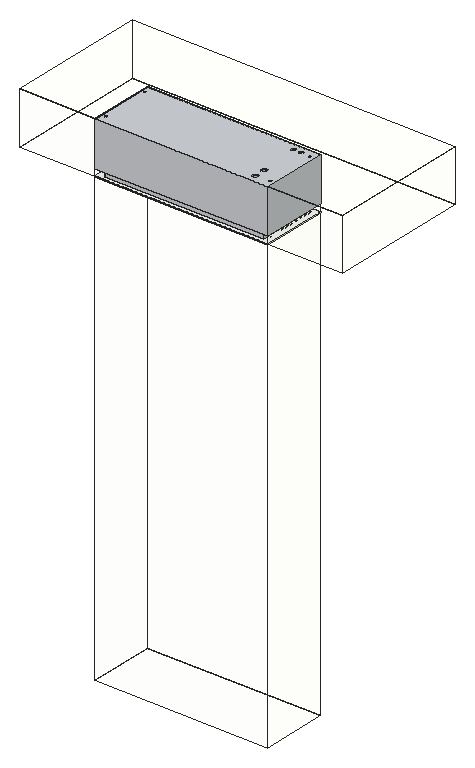
Revit family "T1000ER", category Mechanical Equipment, host Ceiling, Revit 2015
Parameters (values of type "T1000E9R")
  created by = "Daniel Smith"
  boundary box width = 500 mm
  Weight (kg) = "28"
  Warranty = "unit fully covered for 2 years parts and labour from the start of purchase unless warranty is made void"
  Version = "1.0"
  Type Comments = "n/a"
  TemperatureClassification = "Low temperature"
  Supply (50Hz) = "400v 3 phase"
  length = 1150 mm
  width = 436 mm
  flange height = 7 mm
  electrical input holes = 25 mm
  center y = width / 2  # 218 mm
  center x = length / 2  # 575 mm
  URL = "http://www.thermoscreens.com/"
  Size = "1150x436x296+upto 50mm for alternating flange height"
  ProductFinish = "Corrision resistant pre-finished white 9010 20 gauge sheet steel"
  Product URL = "http://www.thermoscreens.com/our-product-range/t-range"
  PhaseReference = "L1 L2 L3 N+E"
  OffsetFromTheFloor = "3meters"
  Noise level dB (A) @3m Med = 54 mm
  Noise level dB (A) @3m Low = 50 mm
  Noise level dB (A) @3m High = 57 mm
  Model = "T1000ER9"
  Max. Velocity (m/s) = "7.5"
  Max. Air Volume (m3/h) = "2000"
  Material = "20g sheet steel"
  Manufacturer = "Thermoscreens"
  Loading(A)*PerPhase = "14.1"
  Keynote = "n/a"
  IssueDate = "27/04/15"
  HeatSource = "Electric heated elements or low pressure hot water coils"
  HeatOutput(kW) = "6/9"
  Fans = "Forward curved metal bladed crossflow impellers"
  Description = "Thermoscreens T range air curtains have become the industry standard to meet a wide range of requirements for both commercial and retail environments. The air curtains will provide climate separation for entrances up to 3m in height and available in standard widths of 1, 1.5 and 2m.  Models available are ambient (without heating), electrical or water heated versions. Electrical and LPHW models are supplied complete with Ecopower control"
  Cost = 0
  ContactUs = "http://www.thermoscreens.com/contact-us"
  Assembly Code = "n/a"
Types (5, lengths in mm): name | Weight (kg) | Supply (50Hz) | Model | Max. Velocity (m/s) | Max. Air Volume (m3/h) | Loading(A)*PerPhase | HeatOutput(kW)
  T1000E12R | "28" | "400v 3 phase" | "T1000ER12" | "7.5" | "2000" | "14.1" | "6/12"
  T1000E9R | "28" | "400v 3 phase" | "T1000ER9" | "7.5" | "2000" | "14.1" | "6/9"
  T1000W12R 60/40 | "29" | "230v~3phase" | "T1000WR12 64/40" | "7.0" | "1950" | "1.1" | "12"
  T1000W12R 82/71 | "29" | "230v~3phase" | "T1000WR12 82/71" | "6.5" | "1755" | "1.1" | "12"
  T1000AR | "27" | "230v~3phase" | "T1000AR" | "7.5" | "2000" | "1.1" | "12"
Reference planes
  plane 1 "Center (Front/Back)": y = 0
  plane 2: z = 0
  plane 3 "Center (Left/Right)": x = 0
  plane 4 "Ceiling": z = 0
  plane 5: y = 218
  plane 6: y = -218
  plane 7: x = 575
  plane 8: x = -575
  plane 9: x = -527.5
  plane 10: x = 527.5
  plane 11: y = -195
  plane 12: y = 195
Forms (mm)
  Extrusion 1, solid, material "Default"
    sketch origin (0, 0, -7) x (0, 1, 0) y (-1, 0, 0)
      loop
        line (218, 575) -> (-218, 575) -> (-218, -575) -> (218, -575) -> (218, 575)
    from 0 to 7
  Extrusion 2, solid
    sketch origin (0, 0, 0) x (0, 1, 0) y (-1, 0, 0)
      loop
        line (195, 527.5) -> (-195, 527.5) -> (-195, -527.5) -> (195, -527.5) -> (195, 527.5)
    from 0 to 43
  Extrusion 3, solid
    sketch origin (0, 0, 43) x (0, 1, 0) y (-1, 0, 0)
      loop
        line (195, 527.5) -> (-195, 527.5) -> (-195, -527.5) -> (195, -527.5) -> (195, 527.5)
      loop
        line (218, 575) -> (-218, 575) -> (-218, -575) -> (218, -575) -> (218, 575)
    from 0 to 0.9
  Extrusion 4, solid
    sketch origin (-575, 218, 43) x (1, 0, 0) y (0, 0, -1)
      loop
        line (1150, 0) -> (0, 0) -> (0, -295.7) -> (1150, -295.7) -> (1150, 0)
    from 0 to -1.2
  Extrusion 5, solid
    sketch origin (575, 218, 43) x (0, -1, 0) y (0, 0, -1)
      loop
        line (436, 0) -> (0, 0) -> (0, -295.7) -> (436, -295.7) -> (436, 0)
    from 0 to -1.2
  Extrusion 6, solid
    sketch origin (575, -218, 339) x (0, 0, -1) y (1, 0, 0)
      loop
        line (296, 0) -> (0.3, 0) -> (0.3, -1150) -> (296, -1150) -> (296, 0)
    from 0 to -1.2
  Extrusion 7, void
    sketch origin (0, 0, 43) x (-1, 0, 0) y (0, 1, 0)
      loop
        line (-526.3, 193.8) -> (-526.3, -193.8) -> (526.3, -193.8) -> (526.3, 193.8) -> (-526.3, 193.8)
    from 0 to 48
  Extrusion 8, solid
    sketch origin (-575, 218, 338.7) x (0, 0, -1) y (0, -1, 0)
      loop
        line (0, 0) -> (295.7, 0) -> (295.7, 436) -> (0, 436) -> (0, 0)
    from 0 to -1.2
  Extrusion 9, solid
    sketch origin (-575, -218, 338.7) x (0, 1, 0) y (-1, 0, 0)
      loop
        line (434.8, 0) -> (0, 0) -> (0, -1150) -> (434.8, -1150) -> (434.8, 0)
    from 0 to -1.2
  Extrusion 10, void
    sketch origin (0, 0, -7) x (0, 1, 0) y (-1, 0, 0)
      loop
        line (-178, -540) -> (-153, -540) -> (-153, 540) -> (-178, 540) -> (-178, -540)
      loop
        line (-143, 540) -> (-143, -540) -> (-118, -540) -> (-118, 540) -> (-143, 540)
      loop
        line (-108, 540) -> (-108, -540) -> (-83, -540) -> (-83, 540) -> (-108, 540)
    from 0 to 5
  Extrusion 11, void
    sketch origin (0, 0, -7) x (0, 1, 0) y (-1, 0, 0)
      loop
        line (-33, 540) -> (-33, -540) -> (-28, -540) -> (-28, 540) -> (-33, 540)
      loop
        line (-23, 540) -> (-23, -540) -> (-18, -540) -> (-18, 540) -> (-23, 540)
      loop
        line (-13, 540) -> (-13, -540) -> (-8, -540) -> (-8, 540) -> (-13, 540)
      loop
        line (-3, 540) -> (-3, -540) -> (2, -540) -> (2, 540) -> (-3, 540)
      loop
        line (7, 540) -> (7, -540) -> (12, -540) -> (12, 540) -> (7, 540)
      loop
        line (17, 540) -> (17, -540) -> (22, -540) -> (22, 540) -> (17, 540)
      loop
        line (27, 540) -> (27, -540) -> (32, -540) -> (32, 540) -> (27, 540)
      loop
        line (37, 540) -> (37, -540) -> (42, -540) -> (42, 540) -> (37, 540)
      loop
        line (47, 540) -> (47, -540) -> (52, -540) -> (52, 540) -> (47, 540)
      loop
        line (57, 540) -> (57, -540) -> (62, -540) -> (62, 540) -> (57, 540)
      loop
        line (67, 540) -> (67, -540) -> (72, -540) -> (72, 540) -> (67, 540)
      loop
        line (77, 540) -> (77, -540) -> (82, -540) -> (82, 540) -> (77, 540)
      loop
        line (87, 540) -> (87, -540) -> (92, -540) -> (92, 540) -> (87, 540)
      loop
        line (97, 540) -> (97, -540) -> (102, -540) -> (102, 540) -> (97, 540)
      loop
        line (107, 540) -> (107, -540) -> (112, -540) -> (112, 540) -> (107, 540)
      loop
        line (117, 540) -> (117, -540) -> (122, -540) -> (122, 540) -> (117, 540)
      loop
        line (127, 540) -> (127, -540) -> (132, -540) -> (132, 540) -> (127, 540)
      loop
        line (137, 540) -> (137, -540) -> (142, -540) -> (142, 540) -> (137, 540)
      loop
        line (147, 540) -> (147, -540) -> (152, -540) -> (152, 540) -> (147, 540)
      loop
        line (157, 540) -> (157, -540) -> (162, -540) -> (162, 540) -> (157, 540)
      loop
        line (166.951, 540) -> (166.951, -540) -> (171.951, -540) -> (171.951, 540) -> (166.951, 540)
      loop
        line (176.951, 540) -> (176.951, -540) -> (181.951, -540) -> (181.951, 540) -> (176.951, 540)
      loop
        line (-63, 540) -> (-63, -540) -> (-58, -540) -> (-58, 540) -> (-63, 540)
      loop
        line (-53, 540) -> (-53, -540) -> (-48, -540) -> (-48, 540) -> (-53, 540)
      loop
        line (-43, 540) -> (-43, -540) -> (-38, -540) -> (-38, 540) -> (-43, 540)
    from 0 to 5
  Extrusion 12, solid, material "Default New Material(1)"
    sketch origin (0, 0, 0) x (1, 0, 0) y (0, 1, 0)
      loop
        line (575, 218) -> (575, -218) -> (1075, -218) -> (1075, 718) -> (-1075, 718) -> (-1075, -218) -> (-575, -218) -> (-575, 218) -> (575, 218)
    from -7 to 339
  Extrusion 13, solid, material "Default New Material(1)"
    sketch origin (0, 0, -7) x (-1, 0, 0) y (0, 1, 0)
      loop
        line (-575, -218) -> (575, -218) -> (575, 218) -> (-575, 218) -> (-575, -218)
    from 0 to 3000
  Extrusion 14, void
    sketch origin (575, 218, 338.7) x (1, 0, 0) y (0, -1, 0)
      loop
        circle (-27.273, 383.2) r 6
      loop
        circle (-121, 390) r 17.5
      loop
        circle (-121, 314) r 17.5
      loop
        circle (-27.273, 54) r 6
      loop
        circle (-90, 48.582) r 12.5
      loop
        circle (-140, 48.582) r 12.5
      loop
        circle (-1122.727, 383.2) r 6
      loop
        circle (-1122.727, 54) r 6
    from 0 to 5
Cuts and joins
  Extrusion 7, Extrusion 10, Extrusion 11 cuts Extrusion 1
  Extrusion 7, Extrusion 10 cuts Extrusion 2
  Extrusion 10 cuts Extrusion 3
  Extrusion 14 cuts Extrusion 4
  Extrusion 14 cuts Extrusion 5
  Extrusion 14 cuts Extrusion 6
  Extrusion 14 cuts Extrusion 8
  Extrusion 14 cuts Extrusion 9
  joined: Extrusion 3, Extrusion 4, Extrusion 5, Extrusion 6, Extrusion 8, Extrusion 9
Dimensions and locks
  equal spacing: host sketch curve, plane 3 "Center (Left/Right)", host sketch curve
  equal spacing: host sketch curve, plane 1 "Center (Front/Back)", host sketch curve
  host sketch curve to host sketch curve = 4000 mm  (x2)
  locked: plane 4 "Ceiling" to host ceiling at 0
  "width": plane 5 to plane 6
  "length": plane 8 to plane 7
  "center x": plane 3 "Center (Left/Right)" to plane 7
  "center y": plane 6 to plane 1 "Center (Front/Back)"
  plane 11 to plane 6 = 23 mm
  plane 12 to plane 5 = 23 mm
  plane 8 to plane 9 = 47.5 mm
  plane 10 to plane 7 = 47.5 mm
  locked: Extrusion 3 to Extrusion 7 sketch curve at 1.2
  level to plane 2 = 0 mm
  "boundary box width": cut or joined group of Extrusion 1, Extrusion 7, Extrusion 10, Extrusion 11 to Extrusion 12 sketch curve
  "boundary box width": Extrusion 12 sketch curve to cut or joined group of Extrusion 1, Extrusion 7, Extrusion 10, Extrusion 11  (x2)
Automatic sketch dimensions
  Extrusion 1 sketch curve to plane 6 = 0 mm
  Extrusion 1 sketch curve to plane 5 = 0 mm
  Extrusion 1 sketch curve to plane 7 = 0 mm
  plane 8 to Extrusion 1 sketch curve = 0 mm
  Extrusion 2 sketch curve to Extrusion 1 = 23 mm  (x2)
  Extrusion 2 sketch curve to Extrusion 1 = 47.5 mm  (x2)
  Extrusion 2 to Extrusion 3 sketch curve = 0 mm
  Extrusion 3 sketch curve to Extrusion 2 = 0 mm  (x3)
  Extrusion 2 to Extrusion 3 sketch curve = 23 mm  (x2)
  Extrusion 2 to Extrusion 3 sketch curve = 47.5 mm  (x2)
  Extrusion 4 sketch curve to Extrusion 3 = 0 mm  (x2)
  Extrusion 3 to Extrusion 4 sketch curve = 0 mm
  Extrusion 4 sketch curve to Extrusion 3 = 294.8 mm
  Extrusion 5 sketch curve to Extrusion 3 = 0 mm  (x3)
  Extrusion 5 sketch curve to Extrusion 3 = 294.8 mm
  Extrusion 6 sketch curve to Extrusion 5 = 0 mm  (x3)
  Extrusion 6 sketch curve to Extrusion 5 = 1148.8 mm
  Extrusion 7 sketch curve to Extrusion 2 = 1.2 mm  (x3)
  Extrusion 8 sketch curve to Extrusion 4 = 0 mm  (x2)
  Extrusion 4 to Extrusion 8 sketch curve = 0 mm
  Extrusion 8 sketch curve to Extrusion 4 = 434.8 mm
  Extrusion 9 sketch curve to Extrusion 8 = 0 mm  (x2)
  Extrusion 9 sketch curve to Extrusion 8 = 1.2 mm
  Extrusion 9 sketch curve to Extrusion 8 = 1148.8 mm
  Extrusion 1 to Extrusion 10 sketch curve = 40 mm
  Extrusion 10 sketch curve to Extrusion 10 sketch curve = 25 mm  (x3)
  Extrusion 10 sketch curve to Extrusion 10 sketch curve = 10 mm  (x2)
  Extrusion 1 to Extrusion 10 sketch curve = 35 mm  (x2)
  Extrusion 10 sketch curve to Extrusion 10 sketch curve = 0 mm  (x4)
  Extrusion 1 to Extrusion 11 sketch curve = 35 mm  (x7)
  Extrusion 1 to Extrusion 11 sketch curve = 155 mm
  Extrusion 11 sketch curve to Extrusion 11 sketch curve = 5 mm  (x48)
  Extrusion 11 sketch curve to Extrusion 11 sketch curve = 4.951 mm
  Extrusion 11 sketch curve to Extrusion 11 sketch curve = 0 mm  (x43)
  Extrusion 12 sketch curve to plane 6 = 0 mm  (x2)
  Extrusion 12 sketch curve to plane 8 = 0 mm
  Extrusion 12 sketch curve to plane 5 = 0 mm
  Extrusion 12 sketch curve to plane 7 = 0 mm
  Extrusion 13 sketch curve to Extrusion 1 = 0 mm  (x3)
  Extrusion 1 to Extrusion 13 sketch curve = 0 mm
  Extrusion 14 sketch curve to Extrusion 5 = 52.8 mm  (x2)
  Extrusion 14 sketch curve to Extrusion 5 = 1121.527 mm
  Extrusion 5 to Extrusion 14 sketch curve = 54 mm  (x2)
  Extrusion 14 sketch curve to Extrusion 14 sketch curve = 0 mm  (x2)
  Extrusion 5 to Extrusion 14 sketch curve = 48.582 mm  (x2)
  Extrusion 14 sketch curve to Extrusion 5 = 138.8 mm
  Extrusion 14 sketch curve to Extrusion 5 = 46 mm
  Extrusion 14 sketch curve to Extrusion 5 = 119.8 mm
  Extrusion 14 sketch curve to Extrusion 14 sketch curve = 50 mm
  Extrusion 14 sketch curve to Extrusion 5 = 26.073 mm  (x2)
  Extrusion 14 sketch curve to Extrusion 14 sketch curve = 76 mm
  radius of Extrusion 14 sketch curve = 6 mm  (x4)
  radius of Extrusion 14 sketch curve = 17.5 mm  (x2)
  radius of Extrusion 14 sketch curve = 12.5 mm  (x2)
Connectors
  piping at (454, -96, 338.7), diameter 35
    settings: on cut or joined group 1 (Extrusion 3, Extrusion 4, Extrusion 5, Extrusion 6, Extrusion 8, Extrusion 9, Extrusion 10, Extrusion 14), index 1, connector inside diameter 609.6 mm, connector length 0 mm, flow factor 0, pipe flow 0.0 L/s, pressure drop 0.0 Pa, fitting loss kfactor 0, connector angle 0.00°, fixture units 0, engagement length 0 mm, angle of deflection 0.00°, flow configuration 0, flow direction 1, fitting loss method 4, system type 19, joint type 0, gender type 0, connector reference index -1, connector utility 0, adjustable connector no, is connector primary yes, connector description ""
  piping at (454, -172, 338.7), diameter 35
    settings: on cut or joined group 1, index 2, connector inside diameter 609.6 mm, connector length 0 mm, flow factor 0, pipe flow 0.0 L/s, pressure drop 0.0 Pa, fitting loss kfactor 0, connector angle 0.00°, fixture units 0, engagement length 0 mm, angle of deflection 0.00°, flow configuration 0, flow direction 2, fitting loss method 0, system type 19, joint type 0, gender type 0, connector reference index -1, connector utility 0, adjustable connector no, is connector primary no, connector description ""
  electrical at (485, 169.418, 338.7)
    settings: on cut or joined group 1, index 3, voltage 0 V, apparent load 0 VA, apparent load phase1 0 VA, apparent load phase2 0 VA, apparent load phase3 0 VA, power factor 1, load classification "Other", number of poles 1, system type 14, power factor state 1, is connector primary yes, connector utility no, sub classification motor no, connector description ""
  electrical at (435, 169.418, 338.7)
    settings: on cut or joined group 1, index 4, voltage 0 V, apparent load 0 VA, apparent load phase1 0 VA, apparent load phase2 0 VA, apparent load phase3 0 VA, power factor 1, load classification "Other", number of poles 1, system type 14, power factor state 1, is connector primary no, connector utility no, sub classification motor no, connector description ""
  piping at (547.727, 164, 338.7), diameter 12
    settings: on cut or joined group 1, index 5, connector inside diameter 609.6 mm, connector length 0 mm, flow factor 0, pipe flow 0.0 L/s, pressure drop 0.0 Pa, fitting loss kfactor 0, connector angle 0.00°, fixture units 0, engagement length 0 mm, angle of deflection 0.00°, flow configuration 0, flow direction 0, fitting loss method 0, system type 28, joint type 0, gender type 0, connector reference index -1, connector utility 0, adjustable connector no, is connector primary no, connector description ""
  piping at (547.727, -165.2, 338.7), diameter 12
    settings: on cut or joined group 1, index 6, connector inside diameter 609.6 mm, connector length 0 mm, flow factor 0, pipe flow 0.0 L/s, pressure drop 0.0 Pa, fitting loss kfactor 0, connector angle 0.00°, fixture units 0, engagement length 0 mm, angle of deflection 0.00°, flow configuration 0, flow direction 0, fitting loss method 0, system type 28, joint type 0, gender type 0, connector reference index -1, connector utility 0, adjustable connector no, is connector primary no, connector description ""
  piping at (-547.727, -165.2, 338.7), diameter 12
    settings: on cut or joined group 1, index 7, connector inside diameter 609.6 mm, connector length 0 mm, flow factor 0, pipe flow 0.0 L/s, pressure drop 0.0 Pa, fitting loss kfactor 0, connector angle 0.00°, fixture units 0, engagement length 0 mm, angle of deflection 0.00°, flow configuration 0, flow direction 0, fitting loss method 0, system type 28, joint type 0, gender type 0, connector reference index -1, connector utility 0, adjustable connector no, is connector primary no, connector description ""
  piping at (-547.727, 164, 337.5), diameter 12
    settings: on cut or joined group 1, index 8, connector inside diameter 609.6 mm, connector length 0 mm, flow factor 0, pipe flow 0.0 L/s, pressure drop 0.0 Pa, fitting loss kfactor 0, connector angle 0.00°, fixture units 0, engagement length 0 mm, angle of deflection 0.00°, flow configuration 0, flow direction 0, fitting loss method 0, system type 28, joint type 0, gender type 0, connector reference index -1, connector utility 0, adjustable connector no, is connector primary no, connector description ""
